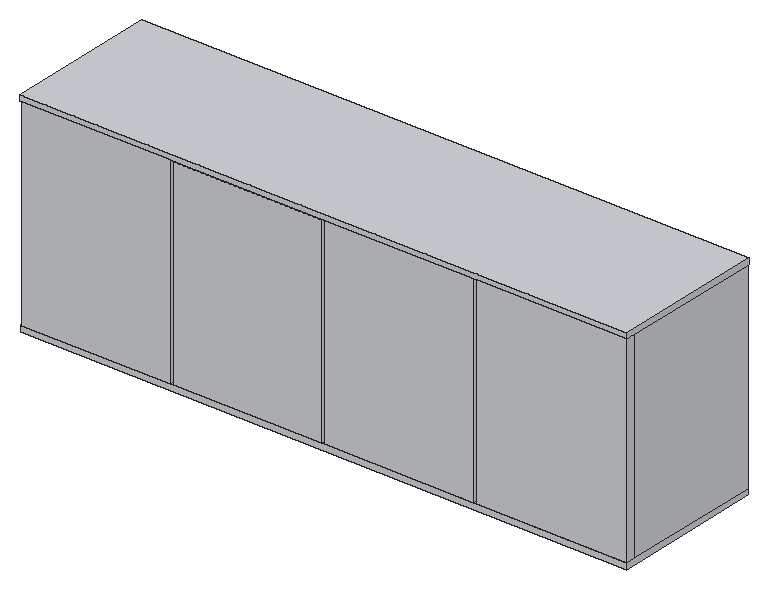
Revit family "Armário linear básico", category Furniture, Revit 2016
Family settings
  OmniClass Number = 23.40.20.00
  OmniClass Title = General Furniture and Specialties
  Work Plane-Based = No
  Always vertical = Yes
  Cut with Voids When Loaded = No
  Shared = No
  Room Calculation Point = No
Parameters
  Profundidade = 50.00 cm
  Largura = 200.00 cm
  Gavetas = none
  Estrutura = none
  Elevação [instance] = 120.00 cm
  Bancada = none
  Altura = 70.00 cm
Reference planes (cm)
  plane 1 "Centro (Frente/Trás)": y = 73.4438
  plane 2: z = 0
  plane 3 "Centro (Esquerda/Direita)": x = 0
  plane 4: x = -100
  plane 5: x = 100
  plane 6: z = 70
  plane 7: y = 63.4438
  plane 8: y = 113.4438
  plane 9: x = 50
  plane 10: x = -50
  plane 11: z = 2
  plane 12: z = -120
Forms (cm)
  Extrusion 1, solid, material <- "Bancada"
    sketch origin (0, 73.4438, 0) x (1, 0, 0) y (0, 0, 1)
      loop
        line (-100, 68) -> (100, 68) -> (100, 70) -> (-100, 70) -> (-100, 68)
    from -40 to 10
  Extrusion 2, solid, material <- "Estrutura"
    sketch origin (0, 73.4438, 0) x (1, 0, 0) y (0, 0, 1)
      loop
        line (-100, 2) -> (100, 2) -> (100, 68) -> (-100, 68) -> (-100, 2)
    from -40 to 7
  Extrusion 3, solid, material <- "Gavetas"
    sketch origin (0, 73.4438, 0) x (1, 0, 0) y (0, 0, 1)
      loop
        line (-99.5, 2) -> (-50.5, 2) -> (-50.5, 68) -> (-99.5, 68) -> (-99.5, 2)
      loop
        line (-49.5, 2) -> (-0.5, 2) -> (-0.5, 68) -> (-49.5, 68) -> (-49.5, 2)
      loop
        line (0.5, 2) -> (49.5, 2) -> (49.5, 68) -> (0.5, 68) -> (0.5, 2)
      loop
        line (50.5, 2) -> (100, 2) -> (100, 68) -> (50.5, 68) -> (50.5, 2)
    from 7 to 10
  Extrusion 4, solid, material <- "Bancada"
    sketch origin (0, 73.4438, -94) x (1, 0, 0) y (0, 0, 1)
      loop
        line (-100, 94) -> (100, 94) -> (100, 96) -> (-100, 96) -> (-100, 94)
    from -40 to 10
Text (cm)
  text "Desenvolvido por: @arquitetofernandogoes" at (11.6491, -36.947, -48.5961), in view "Vista 1"
Dimensions and locks (cm)
  equal spacing: plane 4, plane 10, plane 3 "Centro (Esquerda/Direita)", plane 9, plane 5
  "Largura": plane 4 to plane 5
  "Altura": plane 6 to level
  Extrusion 1 sketch curve to Extrusion 1 sketch curve = 2.00 cm
  "Profundidade": plane 8 to plane 7
  Extrusion 2 sketch curve to level = 2.00 cm
  locked: Extrusion 2 to plane 7 at 3
  Extrusion 3 sketch curve to plane 9 = 0.50 cm
  Extrusion 3 sketch curve to plane 3 "Centro (Esquerda/Direita)" to Extrusion 3 sketch curve = 0.50 cm, 0.50 cm
  Extrusion 3 sketch curve to plane 10 to Extrusion 3 sketch curve = 0.50 cm, 0.50 cm
  plane 4 to Extrusion 3 sketch curve = 0.50 cm
  locked: plane 9 to Extrusion 3 sketch curve at 0.5
  Extrusion 4 sketch curve to Extrusion 4 sketch curve = 2.00 cm
  plane 11 to level = 2.00 cm
  "Elevação": level to plane 12
  aligned and locked: level to plane 2
  aligned and locked: plane 6 to Extrusion 1 sketch curve
  aligned and locked: Extrusion 1 sketch curve to plane 5
  aligned and locked: plane 4 to Extrusion 1 sketch curve
  aligned and locked: Extrusion 1 to plane 7
  aligned and locked: plane 8 to Extrusion 1
  aligned and locked: plane 4 to Extrusion 2 sketch curve
  aligned and locked: Extrusion 2 sketch curve to plane 5
  aligned and locked: Extrusion 2 sketch curve to Extrusion 1
  aligned and locked: plane 8 to Extrusion 2
  aligned and locked: Extrusion 3 sketch curve to Extrusion 1  (x3)
  aligned and locked: Extrusion 2 to Extrusion 3 sketch curve  (x3)
  aligned and locked: Extrusion 3 to Extrusion 2
  aligned and locked: Extrusion 3 to Extrusion 1
  aligned and locked: Extrusion 3 sketch curve to plane 5
  aligned and locked: Extrusion 3 sketch curve to plane 11
  aligned and locked: Extrusion 4 to level
  aligned and locked: Extrusion 2 to Extrusion 4
  aligned and locked: Extrusion 4 to Extrusion 3
Automatic sketch dimensions
  Extrusion 3 sketch curve to Extrusion 3 sketch curve = 0.00 cm
  plane 4 to Extrusion 4 sketch curve = 0.00 cm
  plane 5 to Extrusion 4 sketch curve = 0.00 cm
  Extrusion 4 sketch curve to level = 0.00 cm
